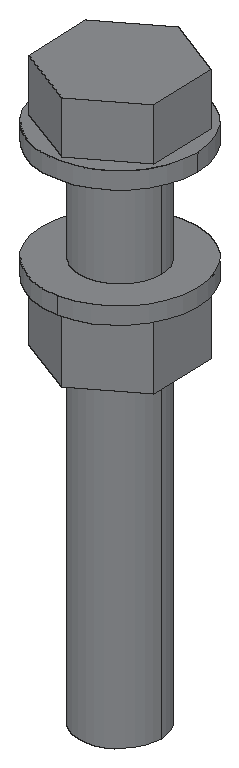
Revit family "Bolt-Assembly-Steel & Tube-ISO Metric", category Structural Connections, host Face, Revit 2016
Family settings
  Host = Face
  Material for Model Behavior = Steel
  OmniClass Number = 23.20.40.11.14.27
  OmniClass Title = Bolts and Nuts
  Enable cutting in views = Yes
  Cut with Voids When Loaded = No
  Shared = Yes
Parameters (values of type "M16")
  Width_ANZRS = Nut Cross Section  # 27.713 mm
  Washers [instance] = yes
  Washer Validation [instance] = if(Washer Thickness = 0 mm, 3 mm, Washer Thickness)  # 3.3 mm
  Washer Thickness [instance] = if(not(Washers), 0 mm, if(Bolt Diameter = 3 mm, 0.8 mm, if(Bolt Diameter = 4 mm, 0.9 mm, if(Bolt Diameter = 5 mm, 1.1 mm, if(Bolt Diameter = 6 mm, 1.8 mm, if(Bolt Diameter = 8 mm, 1.8 mm, if(Bolt Diameter = 10 mm, 2.2 mm, if(Bolt Diameter = 12 mm, 2.7 mm, if(Bolt Diameter = 16 mm, 3.3 mm, if(Bolt Diameter = 20 mm, 3.3 mm, if(Bolt Diameter = 24 mm, 4.3 mm, if(Bolt Diameter = 30 mm, 4.3 mm, if(Bolt Diameter = 36 mm, 5.6 mm, 2 mm)))))))))))))  # 3.3 mm
  Washer Diameter = if(Bolt Diameter = 3 mm, 7 mm, if(Bolt Diameter = 4 mm, 9 mm, if(Bolt Diameter = 5 mm, 10 mm, if(Bolt Diameter = 6 mm, 12.5 mm, if(Bolt Diameter = 8 mm, 17 mm, if(Bolt Diameter = 10 mm, 21 mm, if(Bolt Diameter = 12 mm, 24 mm, if(Bolt Diameter = 16 mm, 30 mm, if(Bolt Diameter = 20 mm, 37 mm, if(Bolt Diameter = 24 mm, 44 mm, if(Bolt Diameter = 30 mm, 56 mm, if(Bolt Diameter = 36 mm, 66 mm, 50 mm))))))))))))  # 30 mm
  Uniclass2015Version = "2015"  # constant formula
  Uniclass2015Title = "Cold-formed galvanized steel sections"  # constant formula
  Uniclass2015Code = "Pr_20_76_51_21"  # constant formula
  URL = "http://www.steelandtube.co.nz"
  Type Comments = "Bolt Assembly"  # constant formula
  SpecificationReference = "3411ST"  # constant formula
  SpecificationDescription = "Steel & Tube Purlins & Girts"  # constant formula
  Nut Size = if(Bolt Diameter = 3 mm, 5.5 mm, if(Bolt Diameter = 4 mm, 7 mm, if(Bolt Diameter = 5 mm, 8 mm, if(Bolt Diameter = 6 mm, 10 mm, if(Bolt Diameter = 8 mm, 13 mm, if(Bolt Diameter = 10 mm, 17 mm, if(Bolt Diameter = 12 mm, 19 mm, if(Bolt Diameter = 16 mm, 24 mm, if(Bolt Diameter = 20 mm, 30 mm, if(Bolt Diameter = 24 mm, 36 mm, if(Bolt Diameter = 30 mm, 46 mm, if(Bolt Diameter = 36 mm, 55 mm, 2 mm))))))))))))  # 24 mm
  Nut Cross Section = Nut Size / (cos(30.00°))  # 27.713 mm
  Nut = if(Bolt Diameter = 3 mm, 2.4 mm, if(Bolt Diameter = 4 mm, 3.2 mm, if(Bolt Diameter = 5 mm, 4 mm, if(Bolt Diameter = 6 mm, 5 mm, if(Bolt Diameter = 8 mm, 6.5 mm, if(Bolt Diameter = 10 mm, 8 mm, if(Bolt Diameter = 12 mm, 10 mm, if(Bolt Diameter = 16 mm, 13 mm, if(Bolt Diameter = 20 mm, 16 mm, if(Bolt Diameter = 24 mm, 19 mm, if(Bolt Diameter = 30 mm, 24 mm, if(Bolt Diameter = 36 mm, 29 mm, 2 mm))))))))))))  # 13 mm
  ModifiedIssue_ANZRS = 20160526.01  # constant formula
  Model = if(Bolt Diameter = 3 mm, "M3", if(Bolt Diameter = 4 mm, "M4", if(Bolt Diameter = 5 mm, "M5", if(Bolt Diameter = 6 mm, "M6", if(Bolt Diameter = 8 mm, "M8", if(Bolt Diameter = 10 mm, "M10", if(Bolt Diameter = 12 mm, "M12", if(Bolt Diameter = 16 mm, "M16", if(Bolt Diameter = 20 mm, "M20", if(Bolt Diameter = 24 mm, "M24", if(Bolt Diameter = 30 mm, "M30", if(Bolt Diameter = 36 mm, "M36", "N/A"))))))))))))  # "M16"
  Material_ANZRS = Metal-Steel-450MPa
  Material Thickness [instance] = 20 mm
  ManufacturerURL = "http://www.steelandtube.co.nz"
  ManufacturerName = Manufacturer  # "Steel & Tube"
  Manufacturer = "Steel & Tube"  # constant formula
  Length_ANZRS [instance] = 100 mm
  Length Validation [instance] = if(Length_ANZRS < ((Washer Thickness * 2) + Material Thickness + Nut + 5 mm), (Washer Thickness * 2) + Material Thickness + Nut + 5 mm, Length_ANZRS)  # 100 mm
  Height_ANZRS = Nut Cross Section  # 27.713 mm
  Disclaimer [instance] = "Steel & Tube makes no representations or warranties about the information in this document, including (but not limited to) whether the information, and any materials referred to, are fit for purpose. The user is responsible for ensuring that the information, and any materials referred to, are fit for the purpose for which they are intended to be used. Except as required by law, Steel & Tube is not liable for any cost, loss, claim or expense incurred by any person as a result of any person using or relying on the information in this document."  # constant formula
  Description = "ISO Metric Precision Hexagon Bolt in accordance with BS 3692:2001"  # constant formula
  Default Elevation = 0 mm
  CreatedBy_ANZRS = "Design Content"  # constant formula
  CreatedByURL_ANZRS = "http://www.designcontent.com.au"
  Cove = if(1 = 1, 1.5 * Bolt Diameter, 0 mm)  # 24 mm
  Centreline Size = Nut Size * 2  # 48 mm
  CBIDescription = "Structural steelwork"  # constant formula
  CBICode = "3411"  # constant formula
  Bolt Head = if(Bolt Diameter = 3 mm, 2.125 mm, if(Bolt Diameter = 4 mm, 2.925 mm, if(Bolt Diameter = 5 mm, 3.65 mm, if(Bolt Diameter = 6 mm, 4.15 mm, if(Bolt Diameter = 8 mm, 5.65 mm, if(Bolt Diameter = 10 mm, 7.18 mm, if(Bolt Diameter = 12 mm, 8.18 mm, if(Bolt Diameter = 16 mm, 10.18 mm, if(Bolt Diameter = 20 mm, 13.215 mm, if(Bolt Diameter = 24 mm, 15.215 mm, if(Bolt Diameter = 30 mm, 19.26 mm, if(Bolt Diameter = 36 mm, 23.26 mm, 2 mm))))))))))))  # 10.18 mm
  Bolt Diameter = 16 mm
  Assembly Code = ""
  Arc Height = (Cove / 2) * (1 - (cos((2 * (asin((Cove * tan(30.00°)) / Cove))) / 2)))  # 2.202 mm
Reference planes
  plane 1 "Center (Front/Back)": y = 0
  plane 2 "Surface Top": z = 0
  plane 3 "Center (Left/Right)": x = 0
  plane 4 "Beam Top": y = 13.856
  plane 5 "Beam Bottom": y = -13.856
  plane 6 "Left": x = -13.856
  plane 7 "Right": x = 13.856
  plane 8 "Surface Bottom": z = -20
  plane 9 "Bolt Washer Top": z = 3.3
  plane 10 "Bolt Top": z = 13.48
  plane 11 "Centreline Top": z = 23.48
  plane 12 "Nut Washer Bottom": z = -23.3
  plane 13 "Nut Bottom": z = -36.3
  plane 14 "Bottom": z = -100
  plane 15 "Left Calculated": z = -100
  plane 16 "Centreline Bottom": z = -110
  plane 17: y = 8
  plane 18: y = -8
  plane 19: x = -8
  plane 20: x = 8
Forms (mm)
  Extrusion 1, solid, material "Metal-Steel-450MPa" <- "Material_ANZRS", detail levels fine
    sketch origin (0, 0, 0) x (1, 0, 0) y (0, 1, 0)
      loop
        circle (0, 0) r 8
    from -100 to 3.3
  Extrusion 2, solid, material "Metal-Steel-450MPa" <- "Material_ANZRS", visible <- "Washers", detail levels fine
    sketch origin (0, 0, 0) x (1, 0, 0) y (0, 1, 0)
      loop
        circle (0, 0) r 8
      loop
        circle (0, 0) r 15
    from 0 to 3.3 <- "Washer Validation"
  Extrusion 3, solid, material "Metal-Steel-450MPa" <- "Material_ANZRS", visible <- "Washers", detail levels fine
    sketch origin (0, 1465.263, -23.3) x (0, 1, 0) y (-1, 0, 0)
      loop
        circle (-1465.263, 0) r 8
      loop
        circle (-1465.263, 0) r 15
    from 0 to 3.3 <- "Washer Validation"
  Extrusion 4, solid, material "Metal-Steel-450MPa" <- "Material_ANZRS", detail levels fine
    sketch origin (0, 0, 0) x (1, 0, 0) y (0, 1, 0)
      loop
        line (-12, -6.928) -> (0, -13.856) -> (12, -6.928) -> (12, 6.928) -> (0, 13.856) -> (-12, 6.928) -> (-12, -6.928)
    from 3.3 to 13.48
  Extrusion 5, solid, material "Metal-Steel-450MPa" <- "Material_ANZRS", detail levels fine
    sketch origin (0, 0, 0) x (1, 0, 0) y (0, 1, 0)
      loop
        line (-12, -6.928) -> (0, -13.856) -> (12, -6.928) -> (12, 6.928) -> (0, 13.856) -> (-12, 6.928) -> (-12, -6.928)
      loop
        circle (0, 0) r 8
    from -36.3 to -23.3
Lines and regions (mm)
  model lines, style "Centrelines"
    curve 1: line (0, 0, -110) -> (0, 0, 23.48)
  symbolic lines, style "StructConnectionHiddenLines", detail levels medium+fine
    curve 2: line (0, 8, 3.3) -> (0, 8, -36.3)
    curve 3: line (0, -8, 3.3) -> (0, -8, -36.3)
    curve 4: line (-8, 0, 3.3) -> (-8, 0, -36.3)
    curve 5: line (8, 0, 3.3) -> (8, 0, -36.3)
Dimensions and locks
  equal spacing: plane 5 "Beam Bottom", plane 1 "Center (Front/Back)", plane 4 "Beam Top"
  "Width_ANZRS": plane 5 "Beam Bottom" to plane 4 "Beam Top"
  equal spacing: plane 6 "Left", plane 3 "Center (Left/Right)", plane 7 "Right"
  "Width_ANZRS": plane 6 "Left" to plane 7 "Right"
  "Material Thickness": plane 2 "Surface Top" to plane 8 "Surface Bottom"
  "Washer Thickness": plane 9 "Bolt Washer Top" to plane 2 "Surface Top"
  "Bolt Head": plane 10 "Bolt Top" to plane 9 "Bolt Washer Top"
  locked: plane 11 "Centreline Top" to plane 10 "Bolt Top" at 10
  "Washer Thickness": plane 8 "Surface Bottom" to plane 12 "Nut Washer Bottom"
  "Nut": plane 12 "Nut Washer Bottom" to plane 13 "Nut Bottom"
  "Length_ANZRS": plane 2 "Surface Top" to plane 14 "Bottom"
  "Length Validation": plane 2 "Surface Top" to plane 15 "Left Calculated"
  locked: plane 15 "Left Calculated" to plane 16 "Centreline Bottom" at 10
  equal spacing: Extrusion 4 sketch curve, plane 3 "Center (Left/Right)", Extrusion 4 sketch curve  (x3)
  "Nut Size": Extrusion 4 sketch curve to Extrusion 4 sketch curve  (x3)
  "Nut Size": Extrusion 5 sketch curve to Extrusion 5 sketch curve  (x3)
  equal spacing: Extrusion 5 sketch curve, plane 3 "Center (Left/Right)", Extrusion 5 sketch curve  (x3)
  equal spacing: plane 19, plane 3 "Center (Left/Right)", plane 20
  equal spacing: plane 18, plane 1 "Center (Front/Back)", plane 17
  "Bolt Diameter": plane 18 to plane 17
  "Bolt Diameter": plane 19 to plane 20
  "Bolt Diameter": diameter of Extrusion 1 sketch curve
  "Bolt Diameter": diameter of Extrusion 2 sketch curve
  "Washer Diameter": diameter of Extrusion 2 sketch curve
  "Bolt Diameter": diameter of Extrusion 3 sketch curve
  "Washer Diameter": diameter of Extrusion 3 sketch curve
  "Bolt Diameter": diameter of Extrusion 5 sketch curve
  locked: Extrusion 4 sketch curve to Extrusion 4 sketch curve (angle 120.00°)  (x5)
  locked: Extrusion 5 sketch curve to Extrusion 5 sketch curve (angle 120.00°)  (x5)
  aligned and locked: plane 2 "Surface Top" to host face
  aligned and locked: level to host face
  aligned and locked: plane 3 "Center (Left/Right)" to Extrusion 1 sketch curve
  aligned and locked: plane 1 "Center (Front/Back)" to Extrusion 1 sketch curve
  aligned and locked: Extrusion 1 to plane 15 "Left Calculated"
  aligned and locked: plane 9 "Bolt Washer Top" to Extrusion 1
  aligned and locked: plane 3 "Center (Left/Right)" to Extrusion 2 sketch curve  (x2)
  aligned and locked: plane 1 "Center (Front/Back)" to Extrusion 2 sketch curve  (x2)
  aligned and locked: plane 3 "Center (Left/Right)" to Extrusion 3 sketch curve  (x2)
  aligned and locked: plane 1 "Center (Front/Back)" to Extrusion 3 sketch curve  (x2)
  aligned and locked: Extrusion 4 to plane 9 "Bolt Washer Top"
  aligned and locked: plane 10 "Bolt Top" to Extrusion 4
  aligned and locked: plane 3 "Center (Left/Right)" to Extrusion 5 sketch curve
  aligned and locked: plane 1 "Center (Front/Back)" to Extrusion 5 sketch curve
  aligned and locked: plane 12 "Nut Washer Bottom" to Extrusion 5
  aligned and locked: Extrusion 5 to plane 13 "Nut Bottom"
  aligned and locked: plane 1 "Center (Front/Back)" to curve 1
  aligned and locked: plane 11 "Centreline Top" to curve 1
  aligned and locked: plane 16 "Centreline Bottom" to curve 1
  aligned and locked: plane 9 "Bolt Washer Top" to curve 2
  aligned and locked: plane 13 "Nut Bottom" to curve 2
  aligned and locked: curve 2 to plane 17
  aligned and locked: plane 9 "Bolt Washer Top" to curve 3
  aligned and locked: curve 3 to plane 18
  aligned and locked: plane 13 "Nut Bottom" to Extrusion 5
  aligned and locked: curve 4 to plane 19
  aligned and locked: curve 5 to plane 20
  aligned and locked: plane 9 "Bolt Washer Top" to curve 4
  aligned and locked: plane 9 "Bolt Washer Top" to curve 5
  aligned and locked: plane 13 "Nut Bottom" to curve 4
  aligned and locked: plane 13 "Nut Bottom" to curve 5
Automatic sketch dimensions
  host sketch curve to host sketch curve = 2438.4 mm  (x2)
  curve 3 to plane 13 "Nut Bottom" = 0 mm
Types in the file's own list only (11): name | Width_ANZRS | Washer Diameter | Nut Size | Nut Cross Section | Nut | ModifiedIssue_ANZRS | Model | Height_ANZRS | Cove | Centreline Size | Bolt Head | Bolt Diameter | Arc Height
  M3 | 6.351 mm | 7 mm | 5.5 mm | 6.351 mm | 2.4 mm | 20160526.01 $ | "M3" | 6.351 mm | 4.5 mm | 11 mm | 2.125 mm | 3 mm | 0.413 mm
  M4 | 8.083 mm | 9 mm | 7 mm | 8.083 mm | 3.2 mm | 20160526.01 $ | "M4" | 8.083 mm | 6 mm | 14 mm | 2.925 mm | 4 mm | 0.551 mm
  M5 | 9.238 mm | 10 mm | 8 mm | 9.238 mm | 4 mm | 20160526.01 $ | "M5" | 9.238 mm | 7.5 mm | 16 mm | 3.65 mm | 5 mm | 0.688 mm
  M6 | 11.547 mm | 12.5 mm | 10 mm | 11.547 mm | 5 mm | 20160526.01 $ | "M6" | 11.547 mm | 9 mm | 20 mm | 4.15 mm | 6 mm | 0.826 mm
  M8 | 15.011 mm | 17 mm | 13 mm | 15.011 mm | 6.5 mm | 20160526.01 $ | "M8" | 15.011 mm | 12 mm | 26 mm | 5.65 mm | 8 mm | 1.101 mm
  M10 | 19.63 mm | 21 mm | 17 mm | 19.63 mm | 8 mm | 20160526.01 $ | "M10" | 19.63 mm | 15 mm | 34 mm | 7.18 mm | 10 mm | 1.376 mm
  M12 | 21.939 mm | 24 mm | 19 mm | 21.939 mm | 10 mm | 20160526.01 $ | "M12" | 21.939 mm | 18 mm | 38 mm | 8.18 mm | 12 mm | 1.652 mm
  M20 | 34.641 mm | 37 mm | 30 mm | 34.641 mm | 16 mm | 20160526.01 $ | "M20" | 34.641 mm | 30 mm | 60 mm | 13.215 mm | 20 mm | 2.753 mm
  M24 | 41.569 mm | 44 mm | 36 mm | 41.569 mm | 19 mm | 20160526.01 $ | "M24" | 41.569 mm | 36 mm | 72 mm | 15.215 mm | 24 mm | 3.303 mm
  M30 | 53.116 mm | 56 mm | 46 mm | 53.116 mm | 24 mm | 20160526.01 $ | "M30" | 53.116 mm | 45 mm | 92 mm | 19.26 mm | 30 mm | 4.129 mm
  M36 | 63.509 mm | 66 mm | 55 mm | 63.509 mm | 29 mm | 20160526.01 $ | "M36" | 63.509 mm | 54 mm | 110 mm | 23.26 mm | 36 mm | 4.955 mm
